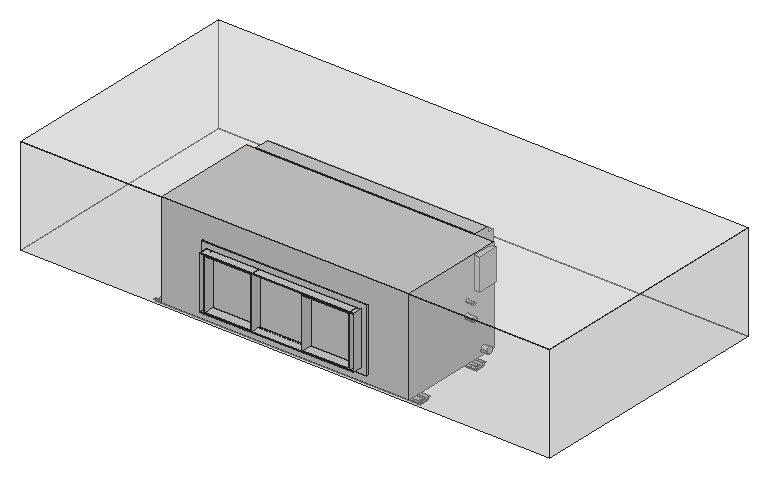
Revit family "outputfile", category 機械設備, Revit 2024
Family settings
  丸型コネクタ寸法 = 半径を使用
  パーツ タイプ = 標準
  OmniClass 番号 = 23.75.10.24.21.27.27
  OmniClass タイトル = Split System Air Conditioning Units
  作業面ベース = いいえ
  常に垂直 = はい
  ロード時にボイドで切り取り = いいえ
  注釈の向きを維持 = いいえ
  共有 = いいえ
  部屋計算ポイント = はい
Parameters (values of type "FBHN100HBV1X")
  Description = ""
  書き出し IFC クラス(タイプ) = "IfcUnitaryEquipmentType"
  定義済み IFC タイプ(タイプ) = "AIRCONDITIONINGUNIT"
  Cost = 0
  Type Comments = ""
  Keynote = ""
  Type Image = (empty or 0)
  Assembly Code = ""
  switch_frequency = yes
  lw_power = 715 mm  # constant formula
  lw_box = 30 mm
  lw_RA = 671 mm
  lh_height_SA = 298 mm
  lh_ld_mountinghole_height = 15 mm
  lh_height_RA = 443 mm
  lh_hangerfixture = 15 mm
  lh_box_top = 6 mm
  lh_box = 175 mm
  lh_SA = 240 mm
  lh_RA = 301.5 mm
  ld_depth_SA = 60 mm
  ld_depth_RA = 127 mm
  ld_box_left = 462.5 mm
  ld_box = 119.5 mm
  connector_voltage = 0 V
  connector_powerinput = [Power Input (Cooling)]  # 10.000 kW
  connector_phase = 1
  Voltage_comment_50Hz = "220 - 240"
  Voltage_50Hz = 230 V
  URL = ""
  Supply Air Direction [instance] = yes
  製造元 = "Daikin"
  モデル = "FBHN100HBV1X"
  w_pipe = 33 mm
  r_Liquid Pipe Size = Liquid Pipe Size / 2  # 6.35 mm
  r_Gas Pipe Size = Gas Pipe Size / 2  # 12.7 mm
  r_Drain Pipe Size = Drain Pipe Size / 2  # 17.0 mm
  lw_powersupply = 897 mm
  lw_width_RA = 1242 mm
  lw_width_SA = 876 mm
  lh_suctionflange [instance] = 100 mm
  ld_suctionflange [instance] = 190 mm
  ld_powersupply = 220.5 mm
  angle_vertical_RA [instance] = 90.00°
  angle horizontal_RA [instance] = 180.00°
  Sound Power Level_H speed (dB) = 0
  Phase_50Hz = 1
  Minimum External Static Pressure = 70.00 Pa
  Minimum Circuit Amps_50Hz = 0.0 A
  Maximum Fuse Amps_50Hz = 0.0 A
  Maximum External Static Pressure = 100.00 Pa
  Material_Casing = DAIKIN_GalvanizedSteel_Casing_indoorunit
  lw_liquidpipe = 751 mm
  lw_gaspipe = 751 mm
  lw_mountinghole_pitch = 1462 mm
  lw_mountinghole = 1502 mm
  lw_drainpipe = 741 mm
  lh_powersupply = 372 mm
  lh_liquidpipe = 344 mm
  lh_gaspipe = 264 mm
  lh_mountinghole = 9 mm
  lh_drainpipe = 51 mm
  lh_antena = 552.5 mm
  ld_liquidpipe = 102.5 mm
  ld_gaspipe = 102.5 mm
  ld_mountinghole_pitch = 394 mm
  ld_drainpipe = 220.5 mm
  ld_controlbox = 626 mm
  h*** = 0 mm  # constant formula
  d_dischargeflange = ld_depth_SA  # 60 mm
  Width = 1402 mm
  Version = "ver.1.0"
  Unit Type = "Duct"
  Unit Mass Weight = 84.00 kg
  Unit Designation [instance] = ""
  Uniclass2015Version = "Products v1.30"
  Uniclass2015Title = "Split coil room air conditioning units"
  Uniclass2015Code = "Pr_70_65_03_86"
  Total Cooling Capacity [instance] = 0.000 kW
  Sound Pressure Level_M speed (dBA) = 54
  Sound Pressure Level_L speed (dBA) = 53
  Sound Pressure Level_H speed (dBA) = 55
  Series = "Package Aircon_Fan Coil Unit"
  Sensible Cooling Capacity [instance] = 0.000 kW
  SA Duct Size Width = 876 mm
  SA Duct Size Height = 298 mm
  Refrigerant Type = "R410A"
  RA Duct Size Width = 1242 mm
  RA Duct Size Height = 443 mm
  Power Input (Cooling) = 10.000 kW
  Option Accessory 3 [instance] = ""
  Option Accessory 2 [instance] = ""
  Option Accessory 1 [instance] = ""
  Nominal Cooling Capacity = 29.300 kW
  Minimum Airflow = 4248.00 m³/h
  Median Airflow = 4757.00 m³/h
  Maximum Airflow = 5097.00 m³/h
  Load Classification = HVAC
  Liquid Pipe Size = 12.7 mm
  Link_Nested Family [instance] = ""
  IfcVersion = ""
  IfcExportType = "AIRCONDITIONINGUNIT"
  IfcExportAs = "IfcUnitaryEquipmentType"
  Height = 553 mm
  Heat Exchanger Type = "Cross Fin Coil"
  Gas Pipe Size = 25.4 mm
  Frequency_50Hz = 50 Hz
  Fan Type = "Sirocco Fan"
  Fan Drive = "-"
  FCU Tag No. [instance] = ""
  Drain Pipe Size = 34.0 mm
  Design Supply Airflow [instance] = 0.00 m³/h
  Design Return Airflow [instance] = 0.00 m³/h
  Design External Static Pressure [instance] = 0.00 Pa
  Depth = 605 mm
  既定の高さ = 0 mm
  Cooling Entering Wet Bulb Temperature [instance] = 0.00 °C
  Cooling Entering Dry Bulb Temperature [instance] = 0.00 °C
  Cooling Ambient Wet Bulb Temperature [instance] = 0.00 °C
  Cooling Ambient Dry Bulb Temperature [instance] = 0.00 °C
  Clearance visibility [instance] = yes
  Clearance Top = 0 mm
  Clearance Right = 800 mm
  Clearance Rear = 800 mm
  Clearance Left = 800 mm
  Clearance Front = 0 mm
  Clearance Bottom = 0 mm
Reference planes
  plane 1 "Center (Front/Back)": y = 0
  plane 2: z = 0
  plane 3 "Center (Left/Right)": x = 0
  plane 4 "Back": y = 302.5
  plane 5 "Front": y = -302.5
  plane 6 "Left": x = -701
  plane 7 "Right": x = 701
  plane 8 "Top": z = 0
  plane 9 "Bottom": z = -553
  plane 10: z = -209
  plane 11: z = -289
  plane 12: x = -731
  plane 13: x = 731
  plane 14: x = 751
  plane 15: x = 751
  plane 16: z = -544
  plane 17 "Clearance Left": x = -1501
  plane 18 "Clearance Right": x = 1501
  plane 19 "Clearance Rear": y = 1102.5
  plane 20 "Clearance Front": y = -302.5
  plane 21 "Clearance Bottom": z = -553
  plane 22: z = -502
  plane 23 "ld_gas": y = 102.5
  plane 24: y = 102.5
  plane 25: y = -30
  plane 26: y = 220.5
  plane 27: y = 112.5
  plane 28: x = 741
  plane 29: y = 139.5
  plane 30: y = -254.5
  plane 31: y = -362.5
  plane 32: y = 429.5
  plane 33 "Clearance Top": z = 0
  plane 34: z = -181
  plane 35: y = 220.5
  plane 36 "hangerfixture": z = -538
  plane 37 "lh_SA": z = -313
  plane 38 "lh_RA": z = -251.5
  plane 39 "RA_center": x = -30
  plane 40: x = 701
  plane 41: x = 731
  plane 42: y = 160
  plane 43: y = 180
  plane 44: y = 259.5
  plane 45: y = 279.5
  plane 46 "box_bottom": z = -181
  plane 47 "box_top": z = -6
  plane 48 "lw_power": x = 715
Forms (mm)
  Extrusion 1, solid, material "DAIKIN_GalvanizedSteel_Casing_indoorunit" <- "Material_Casing"
    sketch origin (0, -0.8, 0) x (1, 0, 0) y (0, 1, 0)
      loop
        line (-701, -301.7) -> (701, -301.7) -> (701, 303.3) -> (-701, 303.3) -> (-701, -301.7)
    from -538 to 0
  Revolve 2, solid, material "DAIKIN_GalvanizedSteel_Casing_indoorunit" <- "Material_Casing"
    sketch origin (0, 0, -289) x (0, -1, 0) y (1, 0, 0)
      loop
        line (-89.8, 701) -> (-89.8, 751) -> (-102.5, 751) -> (-102.5, 701) -> (-89.8, 701)
      axis (-102.5, 701) -> (-102.5, 751)
    angle from 0 to 360
  Revolve 3, solid, material "DAIKIN_GalvanizedSteel_Casing_indoorunit" <- "Material_Casing"
    sketch origin (0, 0, -209) x (0, -1, 0) y (1, 0, 0)
      loop
        line (-102.5, 701) -> (-102.5, 751) -> (-108.85, 751) -> (-108.85, 701) -> (-102.5, 701)
      axis (-102.5, 751) -> (-102.5, 701)
    angle from 0 to 360
  Extrusion 4, solid, material "DAIKIN_GalvanizedSteel_Casing_indoorunit" <- "Material_Casing"
    sketch origin (0, 0, 0) x (0, 1, 0) y (0, 0, 1)
      loop
        circle (220.5, -502) r 17
    from 741 to 701
  Extrusion 5, solid, material "DAIKIN_GalvanizedSteel_Casing_indoorunit" <- "Material_Casing"
    sketch origin (0, 0, 0) x (1, 0, 0) y (0, 1, 0)
      loop
        line (701, 160) -> (731, 160) -> (731, 279.5) -> (701, 279.5) -> (701, 160)
    from -181 to -6
Cuts and joins
  joined: Extrusion 1, Extrusion 5
Dimensions and locks
  equal spacing: plane 12, plane 3 "Center (Left/Right)", plane 13
  "lw_mountinghole_pitch": plane 12 to plane 13
  "lh_liquidpipe": plane 10 to plane 9 "Bottom"
  "lh_gaspipe": plane 11 to plane 9 "Bottom"
  equal spacing: plane 6 "Left", plane 3 "Center (Left/Right)", plane 7 "Right"
  "Width": plane 6 "Left" to plane 7 "Right"
  "Clearance Right": plane 7 "Right" to plane 18 "Clearance Right"
  "Clearance Left": plane 17 "Clearance Left" to plane 6 "Left"
  "Clearance Rear": plane 19 "Clearance Rear" to plane 4 "Back"
  "Clearance Front": plane 5 "Front" to plane 20 "Clearance Front"
  "Depth": plane 4 "Back" to plane 5 "Front"
  equal spacing: plane 4 "Back", plane 1 "Center (Front/Back)", plane 5 "Front"
  "ld_suctionflange": plane 4 "Back" to plane 27
  "r_Liquid Pipe Size": nested 5 to Revolve 3 sketch curve
  "ld_mountinghole_pitch": plane 29 to plane 30
  "lw_liquidpipe": plane 3 "Center (Left/Right)" to plane 14
  "lw_gaspipe": plane 3 "Center (Left/Right)" to plane 15
  "lw_drainpipe": plane 3 "Center (Left/Right)" to plane 28
  "lh_drainpipe": plane 22 to plane 9 "Bottom"
  "Clearance Top": plane 33 "Clearance Top" to plane 8 "Top"
  "Clearance Bottom": plane 9 "Bottom" to plane 21 "Clearance Bottom"
  "lh_powersupply": plane 34 to plane 9 "Bottom"
  level to plane 8 "Top" = 0 mm
  "lh_hangerfixture": plane 36 "hangerfixture" to plane 9 "Bottom"
  "lh_SA": plane 37 "lh_SA" to plane 9 "Bottom"
  "ld_depth_SA": plane 5 "Front" to plane 31
  "ld_depth_RA": plane 32 to plane 4 "Back"
  "lh_RA": plane 38 "lh_RA" to plane 9 "Bottom"
  "lw_RA": plane 6 "Left" to plane 39 "RA_center"
  "ld_box_left": plane 42 to plane 5 "Front"
  "ld_box": plane 45 to plane 42
  locked: plane 43 to plane 42 at 20
  locked: plane 45 to plane 44 at 20
  "lw_box": plane 7 "Right" to plane 41
  "lh_box": plane 47 "box_top" to plane 46 "box_bottom"
  "lw_power": plane 3 "Center (Left/Right)" to plane 48 "lw_power"
  "ld_drainpipe": plane 26 to plane 1 "Center (Front/Back)"
  "ld_gaspipe": plane 23 "ld_gas" to plane 1 "Center (Front/Back)"
  "r_Gas Pipe Size": plane 23 "ld_gas" to Revolve 2 sketch curve
  "ld_liquidpipe": plane 24 to plane 1 "Center (Front/Back)"
  plane 30 to plane 1 "Center (Front/Back)" = 254.5 mm
  locked: plane 40 to plane 7 "Right"
  "ld_powersupply": plane 35 to plane 1 "Center (Front/Back)"
  "lh_mountinghole": plane 16 to plane 9 "Bottom"
  "lh_box_top": plane 8 "Top" to plane 47 "box_top"
  "Height": plane 8 "Top" to plane 9 "Bottom"
  "r_Drain Pipe Size": radius of Extrusion 4 sketch curve
  aligned and locked: level to plane 2
  aligned and locked: plane 8 "Top" to Extrusion 1
  aligned and locked: Revolve 2 sketch curve to Revolve 2 sketch curve
  aligned and locked: plane 14 to nested 5
  aligned and locked: nested 5 to plane 10
  aligned and locked: plane 13 to nested 2
  aligned and locked: plane 12 to nested 3
  aligned and locked: plane 12 to nested 4
  aligned and locked: nested 6 to plane 11
  aligned and locked: plane 23 "ld_gas" to nested 6
  aligned and locked: plane 24 to nested 5
  aligned and locked: Extrusion 4 sketch curve to plane 26
  aligned and locked: nested 11 to plane 19 "Clearance Rear"
  aligned and locked: plane 18 "Clearance Right" to nested 11
  aligned and locked: plane 17 "Clearance Left" to nested 11
  aligned and locked: nested 11 to plane 20 "Clearance Front"
  aligned and locked: plane 28 to Extrusion 4
  aligned and locked: plane 15 to nested 6
  aligned and locked: plane 13 to nested 1
  aligned and locked: plane 26 to nested 7
  aligned and locked: nested 7 to plane 22
  aligned and locked: nested 7 to plane 28
  aligned and locked: nested 9 to plane 1 "Center (Front/Back)"
  aligned and locked: plane 3 "Center (Left/Right)" to nested 9
  aligned and locked: plane 29 to nested 1
  aligned and locked: plane 30 to nested 2
  aligned and locked: nested 4 to plane 29
  aligned and locked: nested 3 to plane 30
  aligned and locked: nested 10 to plane 4 "Back"
  aligned and locked: nested 8 to plane 31
  aligned and locked: plane 32 to nested 14
  aligned and locked: plane 3 "Center (Left/Right)" to nested 13
  aligned and locked: nested 11 to plane 33 "Clearance Top"
  aligned and locked: nested 11 to plane 21 "Clearance Bottom"
  aligned and locked: nested 12 to plane 9 "Bottom"
  aligned and locked: plane 36 "hangerfixture" to Extrusion 1
  aligned and locked: plane 37 "lh_SA" to nested 8
  aligned and locked: Extrusion 1 to plane 5 "Front"
  aligned and locked: nested 13 to plane 31
  aligned and locked: plane 37 "lh_SA" to nested 13
  aligned and locked: Extrusion 1 to plane 4 "Back"
  aligned and locked: plane 38 "lh_RA" to nested 10
  aligned and locked: nested 14 to plane 38 "lh_RA"
  aligned and locked: plane 39 "RA_center" to nested 10
  aligned and locked: nested 14 to plane 39 "RA_center"
  aligned and locked: plane 45 to Extrusion 5 sketch curve
  aligned and locked: plane 41 to Extrusion 5 sketch curve
  aligned and locked: Extrusion 5 sketch curve to plane 42
  aligned and locked: plane 47 "box_top" to Extrusion 5
  aligned and locked: Extrusion 5 to plane 46 "box_bottom"
  aligned and locked: plane 14 to nested 16
  aligned and locked: nested 6 to plane 15
  aligned and locked: nested 15 to plane 35
  aligned and locked: Revolve 2 sketch curve to plane 23 "ld_gas"
  aligned and locked: plane 23 "ld_gas" to nested 17
  aligned and locked: plane 24 to nested 16
  aligned and locked: nested 12 to plane 30
  aligned and locked: Extrusion 5 sketch curve to plane 40
  aligned and locked: Extrusion 4 to Revolve 2
  aligned and locked: nested 15 to plane 48 "lw_power"
  aligned and locked: nested 15 to plane 34
  aligned and locked: level to plane 8 "Top"
  aligned and locked: Extrusion 4 to plane 7 "Right"
  aligned and locked: Revolve 3 to plane 7 "Right"
Automatic sketch dimensions
  Extrusion 1 sketch curve to plane 4 "Back" = 0 mm
  Extrusion 1 sketch curve to plane 6 "Left" = 0 mm
  Extrusion 1 sketch curve to plane 5 "Front" = 0 mm
  Extrusion 1 sketch curve to plane 7 "Right" = 0 mm
  Revolve 3 sketch curve to plane 23 "ld_gas" = 0 mm  (x2)
  Revolve 3 sketch curve to plane 14 = 0 mm  (x2)
  Revolve 3 sketch curve to Revolve 3 sketch curve = 50 mm
  Revolve 3 sketch curve to Revolve 3 sketch curve = 2.5 mm
  Extrusion 4 sketch curve to plane 22 = 0 mm
  Revolve 2 sketch curve to plane 7 "Right" = 0 mm
  Revolve 2 sketch curve to plane 14 = 0 mm
  Revolve 2 sketch curve to Revolve 2 sketch curve = 2.003 mm
  plane 14 to Revolve 2 sketch curve = 1.003 mm
Nested families
  nested 1: "daikin_mountinghole" at (731, 139.5, -560.5), Link_Nested Family <- "Link_Nested Family", h_mountinghole <- "lh_mountinghole", l_antenna <- "lh_antena", type "daikin_mountinghole"
    with show yes, l_antenna 552.5 mm, h_mountinghole 9 mm, Link_Nested Family "", d_circle 23 mm
  nested 2: "daikin_mountinghole" at (731, -254.5, -560.5), Link_Nested Family <- "Link_Nested Family", h_mountinghole <- "lh_mountinghole", l_antenna <- "lh_antena", type "daikin_mountinghole"
    with show yes, l_antenna 552.5 mm, h_mountinghole 9 mm, Link_Nested Family "", d_circle 23 mm
  nested 3: "daikin_mountinghole" at (-731, -254.5, -560.5), Link_Nested Family <- "Link_Nested Family", h_mountinghole <- "lh_mountinghole", l_antenna <- "lh_antena", type "daikin_mountinghole"
    with show yes, l_antenna 552.5 mm, h_mountinghole 9 mm, Link_Nested Family "", d_circle 23 mm
  nested 4: "daikin_mountinghole" at (-731, 139.5, -560.5), Link_Nested Family <- "Link_Nested Family", h_mountinghole <- "lh_mountinghole", l_antenna <- "lh_antena", type "daikin_mountinghole"
    with show yes, l_antenna 552.5 mm, h_mountinghole 9 mm, Link_Nested Family "", d_circle 23 mm
  nested 5: "daikin_connector_rotate2" at (0, 102.5, -209) x (0, 1, 0) z (0, 0, 1), length <- "lw_liquidpipe", built-in parameter 1001364 <- "lh_liquidpipe", radius <- "r_Liquid Pipe Size", type "daikin_connector_rotate2"
    with radius 6.35 mm, length 751 mm, angle_vertical 90.00°
  nested 6: "daikin_connector_rotate2" at (0, 102.5, -289) x (0, 1, 0) z (0, 0, 1), length <- "lw_gaspipe", built-in parameter 1001364 <- "lh_gaspipe", radius <- "r_Gas Pipe Size", type "daikin_connector_rotate2"
    with radius 12.7 mm, length 751 mm, angle_vertical 90.00°
  nested 7: "daikin_connector_rotate2" at (0, 220.5, -502) x (0, 1, 0) z (0, 0, 1), built-in parameter 1001364 <- "lh_drainpipe", length <- "lw_drainpipe", radius <- "r_Drain Pipe Size", type "daikin_connector_rotate2"
    with radius 17 mm, length 741 mm, angle_vertical 90.00°
  nested 8: "daikin_connector_rotate2" at (0, -302.5, -313), length <- "d_dischargeflange", type "daikin_connector_rotate2"
    with radius 10 mm, length 60 mm, angle_vertical 90.00°
  nested 9: "daikin_△_symbolicline" at (-75, -129.904, 553) x (-0.5, 0.866, 0) z (0, 0, 1), built-in parameter 1001364 <- "Height", visible <- "Supply Air Direction", type "daikin_△_symbolicline"
    with length 300 mm
  nested 10: "daikin_ductflange_FBHN-HBV1X" at (-30, 302.5, -251.5), material <- "Material_Casing", width <- "lw_width_RA", height <- "lh_height_RA", depth <- "ld_depth_RA", type "daikin_ductflange_FBHN-HBV1X"
    with width 1242 mm, material DAIKIN_GalvanizedSteel_Casing_indoorunit, height 443 mm, depth 127 mm
  nested 11: "daikin_clearancespace" at (0, 400, -276.381), visible <- "Clearance visibility", show <- "Clearance visibility", Link_Nested Family <- "Link_Nested Family", type "daikin_clearancespace"
    with width 3002 mm, show yes, height 553 mm, depth 1405 mm, Link_Nested Family ""
  nested 12: "daikin_hangerfixture_FBHN-HBV1X" at (0, -57.5, -553), type "daikin_hangerfixture_FBHN-HBV1X"
  nested 13: "daikin_ductflange_FBHN-HBV1X_1" at (0, -302.5, -502.401), width <- "lw_width_SA", material <- "Material_Casing", height <- "lh_height_SA", depth <- "ld_depth_SA", type "daikin_ductflange_FBHN-HBV1X_1"
    with width 876 mm, t 0.8 mm, material DAIKIN_GalvanizedSteel_Casing_indoorunit, height 298 mm, depth 60 mm
  nested 14: "daikin_connector_rotate2" at (-30, 302.5, -251.5) x (-1, 0, 0) z (0, 0, 1), length <- "ld_depth_RA", type "daikin_connector_rotate2"
    with radius 10 mm, length 127 mm, angle_vertical 90.00°
  nested 15: "daikin_connector_rotate2" at (715, 220.5, -6) x (0, 1, 0) z (1, 0, 0), length <- "lh_box", type "daikin_connector_rotate2"
    with radius 10 mm, length 175 mm, angle_vertical 90.00°
  nested 16: "daikin_connector_rotate2" at (0, 102.5, 344) x (0, 1, 0) z (0, 0, 1), length <- "lw_liquidpipe", built-in parameter 1001364 <- "lh_liquidpipe", radius <- "r_Liquid Pipe Size", type "daikin_connector_rotate2"
    with radius 6.35 mm, length 751 mm, angle_vertical 90.00°
  nested 17: "daikin_connector_rotate2" at (0, 102.5, 264) x (0, 1, 0) z (0, 0, 1), length <- "lw_gaspipe", built-in parameter 1001364 <- "lh_gaspipe", radius <- "r_Gas Pipe Size", type "daikin_connector_rotate2"
    with radius 12.7 mm, length 751 mm, angle_vertical 90.00°
Connectors
  piping at (751, 102.5, -289), diameter 25.4, driven by "r_Gas Pipe Size"
    settings: on nested 6, index 1, connector inside diameter 609.6 mm, connector length 0 mm, flow factor 0, pipe flow 0.00 m³/h, pressure drop 0.0 Pa, fitting loss kfactor 0, connector angle 0.00°, fixture units 0, engagement length 0 mm, angle of deflection 0.00°, flow configuration 1, flow direction 2, fitting loss method 0, system type 29, joint type 0, gender type 0, connector reference index -1, connector utility 0, adjustable connector no, is connector primary yes, connector description "Refrigerant Gas Piping"
  piping at (751, 102.5, -209), diameter 12.7, driven by "r_Liquid Pipe Size"
    settings: on nested 5, index 2, connector inside diameter 609.6 mm, connector length 0 mm, flow factor 0, pipe flow 0.00 m³/h, pressure drop 0.0 Pa, fitting loss kfactor 0, connector angle 0.00°, fixture units 0, engagement length 0 mm, angle of deflection 0.00°, flow configuration 1, flow direction 1, fitting loss method 0, system type 29, joint type 0, gender type 0, connector reference index -1, connector utility 0, adjustable connector no, is connector primary no, connector description "Refrigerant Liquid Piping"
  piping at (741, 220.5, -502), diameter 34, driven by "r_Drain Pipe Size"
    settings: on nested 7, index 3, connector inside diameter 609.6 mm, connector length 0 mm, flow factor 0, pipe flow 0.00 m³/h, pressure drop 0.0 Pa, fitting loss kfactor 0, connector angle 0.00°, fixture units 0, engagement length 0 mm, angle of deflection 0.00°, flow configuration 1, flow direction 2, fitting loss method 4, system type 16, joint type 0, gender type 0, connector reference index -1, connector utility 0, adjustable connector no, is connector primary no, connector description "Condensate Drain Piping"
  hvac at (0, -362.5, -313), driven by "SA Duct Size Height", driven by "SA Duct Size Width"
    settings: on nested 8, index 7, duct flow 0.00 m³/h, flow factor 0, pres drop 0.00 Pa, loss coef 0, conn angle 0.00°, conn width 876.0 mm, conn height 298.0 mm, conn diameter 609.6 mm, duct sys type 1, conn prof type 1, flow config 0, flow direction 2, loss method 4, conn ref index -1, conn util no, is conn primary yes, conn desc "SA Duct"
  hvac at (-30, 429.5, -251.5), driven by "RA Duct Size Width", driven by "RA Duct Size Height"
    settings: on nested 14, index 8, duct flow 0.00 m³/h, flow factor 0, pres drop 0.00 Pa, loss coef 0, conn angle 0.00°, conn width 1242.0 mm, conn height 443.0 mm, conn diameter 609.6 mm, duct sys type 2, conn prof type 1, flow config 0, flow direction 1, loss method 4, conn ref index -1, conn util no, is conn primary no, conn desc "RA Duct"
  electrical at (715, 220.5, -181), driven by "Load Classification", driven by "connector_phase", driven by "connector_powerinput", driven by "connector_voltage"
    settings: on nested 15, index 9, voltage 0 V, apparent load 10000 VA, apparent load phase1 0 VA, apparent load phase2 0 VA, apparent load phase3 0 VA, power factor 1, load classification "HVAC", number of poles 1, system type 30, power factor state 1, is connector primary yes, connector utility no, sub classification motor no, connector description "Power Supply"
Definition of nested family "daikin_ductflange_FBHN-HBV1X"
  Parameters (values of type "daikin_ductflange_2FDN-HTL")
    width [instance] = 1242 mm
    material [instance] = none
    height [instance] = 747 mm
    depth [instance] = 127 mm
    Default Elevation = 0 mm
  Reference planes
    plane 1 "Center (Front/Back)": y = 0
    plane 2: z = 0
    plane 3 "Center (Left/Right)": x = 0
    plane 4: x = -621
    plane 5: x = 621
    plane 6: z = 373.5
    plane 7: z = -373.5
    plane 8: y = 88.5
    plane 9: y = 127
    plane 10: x = -611
    plane 11: x = 611
    plane 12: z = -363.5
    plane 13: z = 363.5
    plane 14: x = -621
    plane 15: x = 621
    plane 16: z = 403.5
    plane 17: z = -403.5
  Forms (mm)
    Extrusion 1, solid, material <- "material"
      sketch origin (0, 0, 0) x (1, 0, 0) y (0, 0, 1)
        loop
          line (-621, 403.5) -> (-621, -403.5) -> (621, -403.5) -> (621, 403.5) -> (-621, 403.5)
        loop
          line (-611, 363.5) -> (-611, -363.5) -> (611, -363.5) -> (611, 363.5) -> (-611, 363.5)
      from 0 to -88.5
    Extrusion 2, solid, material <- "material"
      sketch origin (0, 0, 0) x (1, 0, 0) y (0, 0, 1)
        loop
          line (-621, 373.5) -> (-621, -373.5) -> (621, -373.5) -> (621, 373.5) -> (-621, 373.5)
        loop
          line (611, 363.5) -> (-611, 363.5) -> (-611, -363.5) -> (611, -363.5) -> (611, 363.5)
      from -127 to -88.5
  Cuts and joins
    joined: Extrusion 1, Extrusion 2
  Dimensions and locks
    equal spacing: plane 5, plane 3 "Center (Left/Right)", plane 4
    "width": plane 5 to plane 4
    equal spacing: plane 6, level, plane 7
    "height": plane 6 to plane 7
    plane 1 "Center (Front/Back)" to plane 8 = 88.5 mm
    "depth": plane 1 "Center (Front/Back)" to plane 9
    locked: plane 6 to plane 13 at 10
    locked: plane 12 to plane 7 at 10
    locked: plane 5 to plane 11 at 10
    locked: plane 10 to plane 4 at 10
    plane 4 to plane 14 = 0 mm
    plane 15 to plane 5 = 0 mm
    locked: plane 16 to plane 6 at 30
    plane 7 to plane 17 = 30 mm
    aligned and locked: level to plane 2
    aligned and locked: Extrusion 1 to plane 8
    aligned and locked: plane 1 "Center (Front/Back)" to Extrusion 1
    aligned and locked: Extrusion 2 to plane 9
    aligned and locked: Extrusion 2 to Extrusion 1
    aligned and locked: plane 13 to Extrusion 2 sketch curve
    aligned and locked: plane 11 to Extrusion 2 sketch curve
    aligned and locked: Extrusion 2 sketch curve to plane 12
    aligned and locked: Extrusion 2 sketch curve to plane 10
    aligned and locked: Extrusion 1 sketch curve to plane 16
    aligned and locked: plane 14 to Extrusion 1 sketch curve
    aligned and locked: plane 17 to Extrusion 1 sketch curve
    aligned and locked: Extrusion 1 sketch curve to plane 15
  Automatic sketch dimensions
    Extrusion 2 sketch curve to plane 4 = 0 mm
    Extrusion 2 sketch curve to plane 5 = 0 mm
    Extrusion 2 sketch curve to plane 7 = 0 mm
    Extrusion 2 sketch curve to plane 6 = 0 mm
    plane 4 to Extrusion 1 sketch curve = 10 mm
    Extrusion 1 sketch curve to plane 5 = 10 mm
    plane 7 to Extrusion 1 sketch curve = 10 mm
    Extrusion 1 sketch curve to plane 6 = 10 mm
Definition of nested family "daikin_clearancespace"
  Parameters (values of type "daikin_clearancespace")
    Description = "daikin_clearancespace"
    width [instance] = 1823.963 mm
    show [instance] = yes
    material = none
    height [instance] = 1359.762 mm
    depth [instance] = 880 mm
    Default Elevation = 0 mm
    Link_Nested Family [instance] = ""
  Reference planes
    plane 1 "Center (Front/Back)": y = 0
    plane 2 "Center (Elevation)": z = -0.119
    plane 3 "Center (Left/Right)": x = 0
    plane 4: y = 440
    plane 5: y = -440
    plane 6 "Right": x = 911.982
    plane 7 "Left": x = -911.982
    plane 8 "Top": z = 679.762
    plane 9 "Bottom": z = -680
  Forms (mm)
    Extrusion 1, solid, material <- "material", visible <- "show"
      sketch origin (0, 0, 0) x (1, 0, 0) y (0, 1, 0)
        loop
          line (-911.982, 440) -> (-911.982, -440) -> (911.982, -440) -> (911.982, 440) -> (-911.982, 440)
      from -680 to 679.762
  Lines and regions (mm)
    symbolic lines, visible <- "show"
      curve 1: line (911.982, 440, 0) -> (-911.982, 440, 0)
      curve 2: line (-911.982, 440, 0) -> (-911.982, -440, 0)
      curve 3: line (-911.982, -440, 0) -> (911.982, -440, 0)
      curve 4: line (911.982, -440, 0) -> (911.982, 440, 0)
      curve 5: line (911.982, 0, 679.762) -> (-911.982, 0, 679.762)
      curve 6: line (911.982, 0, -680) -> (911.982, 0, 679.762)
      curve 7: line (-911.982, 0, -680) -> (911.982, 0, -680)
      curve 8: line (-911.982, 0, 679.762) -> (-911.982, 0, -680)
      curve 9: line (0, 440, 679.762) -> (0, -440, 679.762)
      curve 10: line (0, -440, 679.762) -> (0, -440, -680)
      curve 11: line (0, 440, -680) -> (0, 440, 679.762)
      curve 12: line (0, -440, -680) -> (0, 440, -680)
  Dimensions and locks
    "width": plane 7 "Left" to plane 6 "Right"
    "depth": plane 4 to plane 5
    "height": plane 8 "Top" to plane 9 "Bottom"
    equal spacing: plane 7 "Left", plane 3 "Center (Left/Right)", plane 6 "Right"
    equal spacing: plane 4, plane 1 "Center (Front/Back)", plane 5
    equal spacing: plane 8 "Top", plane 2 "Center (Elevation)", plane 9 "Bottom"
    aligned and locked: level to plane 2 "Center (Elevation)"
    aligned and locked: Extrusion 1 sketch curve to plane 4
    aligned and locked: plane 7 "Left" to Extrusion 1 sketch curve
    aligned and locked: Extrusion 1 sketch curve to plane 5
    aligned and locked: Extrusion 1 sketch curve to plane 6 "Right"
    aligned and locked: plane 8 "Top" to Extrusion 1
    aligned and locked: curve 1 to Extrusion 1
    aligned and locked: curve 2 to Extrusion 1
    aligned and locked: curve 3 to Extrusion 1
    aligned and locked: curve 4 to Extrusion 1
    aligned and locked: curve 5 to Extrusion 1
    aligned and locked: curve 6 to Extrusion 1
    aligned and locked: curve 7 to Extrusion 1
    aligned and locked: curve 8 to Extrusion 1
    aligned and locked: curve 9 to Extrusion 1
    aligned and locked: curve 10 to Extrusion 1
    aligned and locked: curve 11 to Extrusion 1
    aligned and locked: curve 12 to Extrusion 1
    aligned and locked: Extrusion 1 to plane 9 "Bottom"
Definition of nested family "daikin_hangerfixture_FBHN-HBV1X"
  Parameters (values of type "daikin_hangerfixture_2FDN-HTL")
    width = 1462 mm
    material = none
    height = 15 mm
    e = 38 mm
    depth = 394 mm
    Default Elevation = 0 mm
    G = 1502 mm
    E = 50 mm
  Reference planes
    plane 1 "Center (Front/Back)": y = 0
    plane 2: z = 0
    plane 3 "Center (Left/Right)": x = 0
    plane 4: x = 731
    plane 5: x = -731
    plane 6: z = 15
    plane 7: y = 197
    plane 8: y = -197
    plane 9: x = -751
    plane 10: x = 751
    plane 11: y = 235
    plane 12: y = -235
  Forms (mm)
    Extrusion 1, solid
      sketch origin (0, 0, 0) x (0, 1, 0) y (0, 0, 1)
        loop
          line (-174, 15) -> (-174, 1.5) -> (-220, 1.5) -> (-220, 15) -> (-235, 15) -> (-235, 13.5) -> (-221.5, 13.5) -> (-221.5, 0) -> (-172.5, 0) -> (-172.5, 13.5) -> (-159, 13.5) -> (-159, 15) -> (-174, 15)
        loop
          line (220, 15) -> (220, 1.5) -> (174, 1.5) -> (174, 15) -> (159, 15) -> (159, 13.5) -> (172.5, 13.5) -> (172.5, 0) -> (221.5, 0) -> (221.5, 13.5) -> (235, 13.5) -> (235, 15) -> (220, 15)
      from -751 to 751
    Extrusion 2, void
      sketch origin (0, 0, 0) x (1, 0, 0) y (0, 1, 0)
        loop
          circle (-731, 197) r 7.5
        loop
          circle (-731, -197) r 7.5
        loop
          circle (731, -197) r 7.5
        loop
          circle (731, 197) r 7.5
      from 0 to 9
  Cuts and joins
    Extrusion 2 cuts Extrusion 1
  Dimensions and locks
    "width": plane 5 to plane 4
    equal spacing: plane 5, plane 3 "Center (Left/Right)", plane 4
    "depth": plane 8 to plane 7
    equal spacing: plane 8, plane 1 "Center (Front/Back)", plane 7
    "height": plane 6 to level
    "e": plane 7 to plane 11
    "e": plane 12 to plane 8
    equal spacing: Extrusion 1 sketch curve, plane 8, Extrusion 1 sketch curve  (x2)
    "e": Extrusion 1 sketch curve to plane 8 to Extrusion 1 sketch curve
    Extrusion 1 sketch curve to level = 1.5 mm
    equal spacing: plane 9, plane 3 "Center (Left/Right)", plane 10
    "G": plane 9 to plane 10
    locked: Extrusion 1 sketch curve to level at 1.5
    equal spacing: Extrusion 1 sketch curve, plane 7, Extrusion 1 sketch curve  (x2)
    "e": Extrusion 1 sketch curve to plane 7 to Extrusion 1 sketch curve
    aligned and locked: level to plane 2
    aligned and locked: plane 6 to Extrusion 1 sketch curve  (x2)
    aligned and locked: Extrusion 1 sketch curve to level  (x2)
    aligned and locked: Extrusion 1 to plane 9
    aligned and locked: plane 10 to Extrusion 1
    aligned and locked: plane 7 to Extrusion 2 sketch curve  (x2)
    aligned and locked: plane 5 to Extrusion 2 sketch curve  (x2)
    aligned and locked: plane 8 to Extrusion 2 sketch curve  (x2)
    aligned and locked: plane 4 to Extrusion 2 sketch curve  (x2)
  Automatic sketch dimensions
    Extrusion 1 sketch curve to plane 6 = 0 mm  (x2)
    Extrusion 1 sketch curve to plane 6 = 1.5 mm  (x4)
    Extrusion 1 sketch curve to plane 12 = 13.5 mm
    Extrusion 1 sketch curve to Extrusion 1 sketch curve = 1.5 mm  (x2)
    Extrusion 1 sketch curve to Extrusion 1 sketch curve = 13.5 mm
    radius of Extrusion 2 sketch curve = 7.5 mm  (x4)
Definition of nested family "daikin_ductflange_FBHN-HBV1X_1"
  Parameters (values of type "daikin_ductflange_2FDN-HTL_1")
    width [instance] = 876 mm
    t [instance] = 0.8 mm
    material [instance] = none
    height [instance] = 298 mm
    depth [instance] = 60 mm
    Default Elevation = 0 mm
  Reference planes
    plane 1 "Center (Front/Back)": y = 0
    plane 2: z = 189.401
    plane 3 "Center (Left/Right)": x = 0
    plane 4: y = 0
    plane 5: y = -60
    plane 6: y = -9
    plane 7: z = 338.401
    plane 8: z = 40.401
    plane 9: x = -437.2
    plane 10: x = 437.2
    plane 11: x = -438
    plane 12: x = 438
    plane 13: z = 337.601
    plane 14: z = 41.201
    plane 15: x = -467.2
    plane 16: z = 367.601
    plane 17: z = 11.201
    plane 18: x = 467.2
    plane 19: x = 141
    plane 20: x = -141
    plane 21: x = -412
    plane 22: x = 412
    plane 23: z = 335.401
    plane 24: z = 43.401
  Forms (mm)
    Extrusion 1, solid, material <- "material"
      sketch origin (0, 0, 0) x (1, 0, 0) y (0, 0, 1)
        loop
          line (-438, 338.401) -> (-438, 40.401) -> (438, 40.401) -> (438, 338.401) -> (-438, 338.401)
        loop
          line (-437.2, 337.601) -> (-437.2, 41.201) -> (437.2, 41.201) -> (437.2, 337.601) -> (-437.2, 337.601)
      from 9 to 60
    Extrusion 2, solid, material <- "material"
      sketch origin (0, 0, 0) x (1, 0, 0) y (0, 0, 1)
        loop
          line (-467.2, 367.601) -> (-467.2, 11.201) -> (467.2, 11.201) -> (467.2, 367.601) -> (-467.2, 367.601)
        loop
          line (-437.2, 337.601) -> (-437.2, 41.201) -> (437.2, 41.201) -> (437.2, 337.601) -> (-437.2, 337.601)
      from 0 to 9
    Extrusion 3, solid, material <- "material"
      sketch origin (0, 0, 0) x (1, 0, 0) y (0, 0, 1)
        loop
          line (408.3, 332.201) -> (144.7, 332.201) -> (144.7, 46.601) -> (408.3, 46.601) -> (408.3, 332.201)
        loop
          line (-408.3, 46.601) -> (-144.7, 46.601) -> (-144.7, 332.201) -> (-408.3, 332.201) -> (-408.3, 46.601)
        loop
          line (-412, 335.401) -> (-412, 43.401) -> (-141, 43.401) -> (-141, 335.401) -> (-412, 335.401)
        loop
          line (141, 335.401) -> (141, 43.401) -> (412, 43.401) -> (412, 335.401) -> (141, 335.401)
      from 0 to 60
  Cuts and joins
    joined: Extrusion 1, Extrusion 2
  Dimensions and locks
    plane 4 to plane 1 "Center (Front/Back)" = 0 mm
    "depth": plane 5 to plane 4
    locked: plane 6 to plane 4 at 9
    equal spacing: plane 7, level, plane 8
    equal spacing: plane 10, plane 3 "Center (Left/Right)", plane 9
    "t": plane 9 to plane 11
    "t": plane 12 to plane 10
    "t": plane 7 to plane 13
    "t": plane 14 to plane 8
    locked: plane 11 to plane 15 at 29.2
    locked: plane 18 to plane 12 at 29.2
    locked: plane 16 to plane 7 at 29.2
    locked: plane 8 to plane 17 at 29.2
    plane 23 to level to plane 24 = 146 mm, 146 mm
    plane 22 to plane 19 to plane 3 "Center (Left/Right)" to plane 20 to plane 21 = 271 mm, 141 mm, 141 mm, 271 mm
    plane 23 to Extrusion 3 sketch curve = 3.2 mm
    Extrusion 3 sketch curve to plane 24 = 3.2 mm
    Extrusion 3 sketch curve to plane 21 = 3.7 mm
    plane 20 to Extrusion 3 sketch curve = 3.7 mm
    Extrusion 3 sketch curve to plane 19 = 3.7 mm
    plane 22 to Extrusion 3 sketch curve = 3.7 mm
    "height": plane 7 to plane 8
    "width": plane 12 to plane 11
    aligned and locked: level to plane 2
    aligned and locked: Extrusion 1 sketch curve to plane 7
    aligned and locked: plane 11 to Extrusion 1 sketch curve
    aligned and locked: plane 8 to Extrusion 1 sketch curve
    aligned and locked: Extrusion 1 sketch curve to plane 12
    aligned and locked: Extrusion 1 sketch curve to plane 13
    aligned and locked: plane 9 to Extrusion 1 sketch curve
    aligned and locked: plane 14 to Extrusion 1 sketch curve
    aligned and locked: Extrusion 1 sketch curve to plane 10
    aligned and locked: plane 6 to Extrusion 1
    aligned and locked: Extrusion 1 to plane 5
    aligned and locked: Extrusion 2 sketch curve to plane 16
    aligned and locked: plane 15 to Extrusion 2 sketch curve
    aligned and locked: plane 17 to Extrusion 2 sketch curve
    aligned and locked: Extrusion 2 sketch curve to plane 18
    aligned and locked: Extrusion 2 sketch curve to Extrusion 1  (x4)
    aligned and locked: Extrusion 2 to plane 1 "Center (Front/Back)"
    aligned and locked: Extrusion 2 to plane 6
    aligned and locked: Extrusion 3 sketch curve to plane 23  (x2)
    aligned and locked: plane 21 to Extrusion 3 sketch curve
    aligned and locked: plane 24 to Extrusion 3 sketch curve  (x2)
    aligned and locked: Extrusion 3 sketch curve to plane 20
    aligned and locked: plane 19 to Extrusion 3 sketch curve
    aligned and locked: Extrusion 3 sketch curve to plane 22
    aligned and locked: Extrusion 3 sketch curve to Extrusion 3 sketch curve  (x2)
    aligned and locked: Extrusion 3 to plane 1 "Center (Front/Back)"
    aligned and locked: Extrusion 3 to plane 5
  Automatic sketch dimensions
    Extrusion 2 sketch curve to plane 15 = 0 mm
Definition of nested family "daikin_mountinghole"
  Parameters (values of type "daikin_mountinghole")
    Default Elevation = 1219.2 mm
    Type Comments = "mountinghole"
    show [instance] = yes
    material = none
    l_centerline = 100 mm
    l_antenna [instance] = 100 mm
    h_mountinghole [instance] = 0 mm
    d_circle = 30 mm
    Link_Nested Family [instance] = ""
  Reference planes
    plane 1 "Center (Front/Back)": y = 0
    plane 2: z = 0
    plane 3 "Center (Left/Right)": x = 0
    plane 4: y = 50
    plane 5: x = -50
    plane 6: x = 50
    plane 7: y = -50
    plane 8 "h_mountinghole": z = 0
    plane 9: z = 100
  Lines and regions (mm)
    model lines, detail levels fine
      curve 1: circle (0, 0, 0) r 15 normal (0, 0, 1)
      curve 2: line (-50, 0, 0) -> (50, 0, 0)
      curve 3: line (0, 50, 0) -> (0, -50, 0)
    symbolic lines, detail levels fine
      curve 4: circle (0, 0, 0) r 15 normal (0, 0, 1)
      curve 5: line (-50, 0, 0) -> (50, 0, 0)
      curve 6: line (0, 50, 0) -> (0, -50, 0)
    model lines
      curve 7: line (0, 0, 100) -> (0, 0, 0)
  Dimensions and locks
    equal spacing: plane 4, plane 1 "Center (Front/Back)", plane 7
    "l_centerline": plane 4 to plane 7
    equal spacing: plane 5, plane 3 "Center (Left/Right)", plane 6
    "l_centerline": plane 5 to plane 6
    "l_antenna": plane 9 to plane 8 "h_mountinghole"
    "h_mountinghole": plane 8 "h_mountinghole" to plane 2
    "d_circle": diameter of curve 1
    "d_circle": diameter of curve 4
    aligned and locked: level to plane 2
    aligned and locked: plane 1 "Center (Front/Back)" to curve 1
    aligned and locked: plane 3 "Center (Left/Right)" to curve 1
    aligned and locked: plane 1 "Center (Front/Back)" to curve 2
    aligned and locked: curve 3 to plane 3 "Center (Left/Right)"
    aligned and locked: plane 6 to curve 2
    aligned and locked: plane 5 to curve 2
    aligned and locked: plane 4 to curve 3
    aligned and locked: plane 7 to curve 3
    aligned and locked: plane 1 "Center (Front/Back)" to curve 4
    aligned and locked: plane 3 "Center (Left/Right)" to curve 4
    aligned and locked: plane 6 to curve 5
    aligned and locked: plane 5 to curve 5
    aligned and locked: plane 1 "Center (Front/Back)" to curve 5
    aligned and locked: plane 4 to curve 6
    aligned and locked: plane 7 to curve 6
    aligned and locked: curve 6 to plane 3 "Center (Left/Right)"
    aligned and locked: curve 7 to plane 3 "Center (Left/Right)"
    aligned and locked: plane 9 to curve 7
    aligned and locked: plane 8 "h_mountinghole" to curve 7
Definition of nested family "daikin_connector_rotate2"
  Parameters (values of type "daikin_connector_rotate2")
    show_face = no
    radius [instance] = 10 mm
    length [instance] = 600 mm
    d_surface = 10 mm
    angle_vertical [instance] = 90.00°
    Default Elevation = 0 mm
  Reference planes
    plane 1 "Center (Front/Back)": y = 0
    plane 2: z = 0
    plane 3 "Center (Left/Right)": x = 0
  Forms (mm)
    Extrusion 1, solid, visible <- "show_face"
      sketch origin (0, -600, 0) x (1, 0, 0) y (0, 0, 1)
        loop
          circle (0, 0) r 10
      from 0 to -10
  Lines and regions (mm)
    reference lines
      curve 1: line (0, 0, 0) -> (0, -600, 0)
    symbolic lines
      curve 2: circle (0, 0, 0) r 5 normal (0, 0, 1)
    model lines, visible <- "show_face"
      curve 3: line (0, 0, 0) -> (0, -600, 0)
  Dimensions and locks
    "length": curve 1 to curve 1
    "length": curve 3 to curve 3
    "d_surface": Extrusion 1 to Extrusion 1
    "radius": radius of Extrusion 1 sketch curve
    "angle_vertical": angle curve 1 to plane 1 "Center (Front/Back)"
    "angle_vertical": angle curve 3 to plane 1 "Center (Front/Back)"
    aligned and locked: level to plane 2
    aligned and locked: plane 1 "Center (Front/Back)" to curve 1
    aligned and locked: plane 2 to curve 1
    aligned and locked: plane 1 "Center (Front/Back)" to curve 2
    aligned and locked: plane 3 "Center (Left/Right)" to curve 2
    aligned and locked: plane 1 "Center (Front/Back)" to curve 3
    aligned and locked: plane 2 to curve 3
    aligned and locked: Extrusion 1 to Extrusion 1
  Automatic sketch dimensions
    Extrusion 1 sketch curve to level = 0 mm
    Extrusion 1 sketch curve to plane 3 "Center (Left/Right)" = 0 mm
    radius of curve 2 = 5 mm
Definition of nested family "daikin_△_symbolicline"
  Parameters (values of type "daikin_△_symbolicline")
    length [instance] = 500 mm
    Default Elevation = 0 mm
  Reference planes
    plane 1 "Center (Front/Back)": y = 0
    plane 2: z = 0
    plane 3 "Center (Left/Right)": x = 0
  Lines and regions (mm)
    symbolic lines
      curve 1: line (0, -433.013, 0) -> (250, 0, 0)
      curve 2: line (250, 0, 0) -> (-250, 0, 0)
      curve 3: line (-250, 0, 0) -> (0, -433.013, 0)
  Dimensions and locks
    equal spacing: curve 3, plane 3 "Center (Left/Right)", curve 2
    "length": curve 3 to curve 2
    "length": curve 3 to curve 3
    "length": curve 1 to curve 1
    aligned and locked: level to plane 2
    aligned and locked: curve 2 to plane 1 "Center (Front/Back)"
    aligned and locked: plane 3 "Center (Left/Right)" to curve 3
